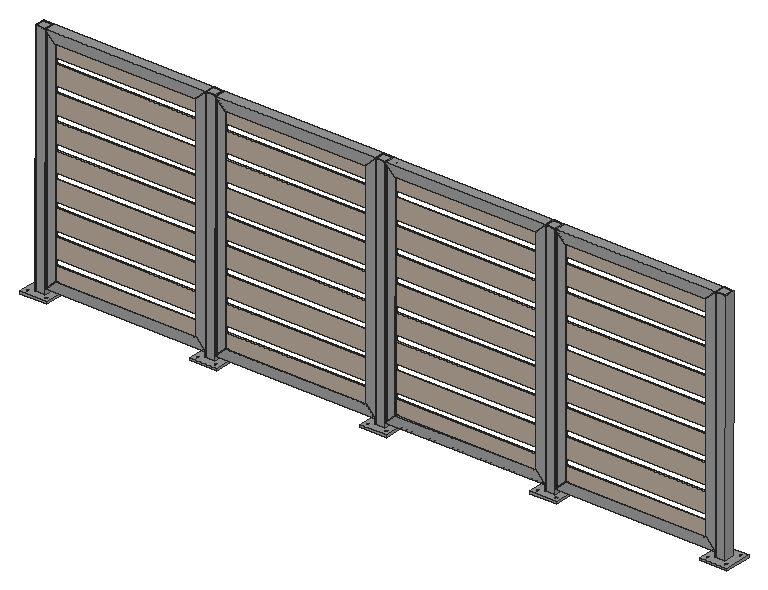
Revit family "SEMI-PRIVATE_VINYL_PLANK_PANEL_ARRAY", category Specialty Equipment, Revit 2026
Family settings
  Round Connector Dimension = Use Diameter
  Part Type = Normal
  Classification Number = 23.55.00.00
  Enable Cutting in Views = No
  Cut with Voids When Loaded = No
  Maintain Annotation Orientation = No
  Shared = No
  Room Calculation Point = No
Parameters (values of type "Assembly")
  Warranty URL = "https://palmshieldlouvers.com/wp-content/uploads/2020/01/PalmSHIELD-Warranty-NO-SIGN-LINE.pdf"
  Version = "2020 - v1.0a"  # constant formula
  URL = "https://palmshieldlouvers.com/"
  Type Comments = ""
  Start Post [instance] = yes
  Product Page URL = "https://palmshieldlouvers.com/products/tiberius-semi-private/"
  Product Documentation Link = "https://palmshieldlouvers.com/wp-content/uploads/2020/05/PalmSHIELD-Semi-Private-Composite-Technical-Data-Sheet.pdf"
  Post Finish = Metal - PalmSHIELD - Dusty Grey
  Panel Width [instance] = if(Desired Panel Width > C Max Panel Width, C Max Panel Width, if(Desired Panel Width < C Min Panel Width, C Min Panel Width, Desired Panel Width))  # 4' - 0"
  Panel Height [instance] = if(Desired Panel Height > C Max Panel Height, C Max Panel Height, if(Desired Panel Height < C Min Panel Height, C Min Panel Height, Desired Panel Height))  # 6' - 0"
  Model = "Tiberius - Composite"  # constant formula
  Manufacturer Phone Number = "531-329-4406 "  # constant formula
  Manufacturer Email = "mailto: info@palmshieldlouvers.com"
  Manufacturer Address = "12330 Cary Circle, La Vista, NE 68128"  # constant formula
  Manufacturer = "PalmSHIELD"  # constant formula
  Keynote = "05 10 00"
  Instruction Sheet Link = "https://palmshieldlouvers.com/wp-content/uploads/2020/01/PalmSHIELD-Post-Panel-Gate-Installation-Instructions-REV-1.pdf"
  ID [instance] = "Not Assigned"
  Frame Finish = Metal - PalmSHIELD - Dusty Grey
  Filler Panel [instance] = yes
  End Post [instance] = yes
  Desired Panel Width [instance] = 4' - 0"
  Desired Panel Height [instance] = 6' - 0"
  Real Length [instance] = if([built-in parameter 1001306] < (C Post Width + C Min Panel Width), (C Post Width + C Min Panel Width), [built-in parameter 1001306])  # 17' - 0"
  Description = "Tiberius - Composite - Array"  # constant formula
  built-in parameter 1001306 [instance] = 17' - 0"
  Copyright = "Copyright ©2024 The American Fence Company and PalmSHIELD. All Rights Reserved."  # constant formula
  Component Name [instance] = "Tiberius - Composite - Array"  # constant formula
  C Single Post [instance] = if(C Condition Double, 1 = 1, if(and(End Post, C Condition Single), 1 = 1, 1 = 0))  # no
  C Single Panel [instance] = or(C Condition Double, C Condition Single)  # no
  C Post Width [instance] = 0' - 3"  # constant formula
  C Multiple Post [instance] = (C Condition Multiple)  # yes
  C Multiple Panels [instance] = (C Condition Multiple)  # yes
  C Min Panel Width [instance] = 4' - 0"  # constant formula
  C Min Panel Height [instance] = C Min Panel Width  # 4' - 0"
  C Max Panel Width [instance] = 5' - 0"  # constant formula
  C Max Panel Height [instance] = 12' - 0"  # constant formula
  C Filler Post [instance] = and(not(C Condition Single), Filler Panel, End Post, or(C Filler Panel Width = C Min Panel Width, C Filler Panel Width > C Min Panel Width))  # yes
  C Filler Panel Width Calculated [instance] = Real Length - C Calculated Total Length - Panel Width - C Post Width  # 4' - 0"
  C Filler Panel Width [instance] = if(C Filler Panel Width Calculated < C Min Panel Width, C Min Panel Width, if(C Filler Panel Width Calculated > C Max Panel Width, C Max Panel Width, C Filler Panel Width Calculated))  # 4' - 0"
  C Filler Panel [instance] = and(not(C Condition Single), Filler Panel, or(C Filler Panel Width = C Min Panel Width, C Filler Panel Width > C Min Panel Width))  # yes
  C Condition Single [instance] = C Array Count < 1  # no
  C Condition Multiple [instance] = C Array Count > 1  # yes
  C Condition Double [instance] = C Array Count = 1  # no
  C Complete Post [instance] = and(not(C Condition Single), not(Filler Panel), End Post)  # no
  C Complete Panel [instance] = and(not(C Condition Single), not(Filler Panel))  # no
  C Calculated Total Length [instance] = if(C Array Count < 1, 0' 0", if(C Array Count = 1, C Post Width, Panel Width * (C Array Safe - 1) + C Post Width * (C Array Safe)))  # 8' - 9"
  C Calculated Filler Panel Length [instance] = if(C Array Count < 1, 0' 0", if(or(C Array Count = 2, C Array Count = 1), C Post Width, if(Filler Panel, (C Calculated Total Length - C Post Width - C Filler Panel Width), (C Calculated Total Length - C Post Width - Panel Width))))  # 4' - 6"
  C Array Safe [instance] = if(C Array Count < 2, 2, C Array Count)  # 3
  C Array Count [instance] = if(Filler Panel, roundup(((Real Length - C Min Panel Width) / (Panel Width + C Post Width)) - 1), roundup(((Real Length - (Panel Width)) / (Panel Width + C Post Width)) - 1))  # 3
  Assembly Code = "F1020100"
Reference planes (in)
  plane 1 "Center (Front/Back)": y = 0
  plane 2: z = 0
  plane 3 "Left": x = 0
  plane 4 "Right": x = 204
  plane 5 "Top": z = 60
  plane 6: x = 48
  plane 7: x = 51
  plane 8: x = 99
  plane 9: x = 102
  plane 10: x = -3
  plane 11: x = 153
  plane 12: x = 51
  plane 13: x = 201
  plane 14: x = 201
  plane 15: x = -1.5
  plane 16: x = 204
  plane 17: x = 202.5
  plane 18: x = 202.5
  plane 19: x = 204
  plane 20: x = 49.5
  plane 21: x = 100.5
  plane 22: y = -1.5
  plane 23: y = 1.5
Lines and regions (in)
  reference lines
    curve 1: line (0, 0, 0) -> (204, 0, 0)
Dimensions and locks (in)
  "built-in parameter 1001306": plane 3 "Left" to plane 4 "Right"
  "Panel Width": plane 6 to plane 3 "Left"
  "C Post Width": plane 7 to plane 6
  "Panel Width": plane 8 to plane 7
  "C Post Width": plane 9 to plane 8
  "C Post Width": plane 3 "Left" to plane 10
  "C Calculated Filler Panel Length": plane 12 to plane 10
  "C Filler Panel Width": plane 13 to plane 11
  "Panel Width": plane 14 to plane 11
  "C Calculated Total Length": plane 11 to plane 6
  equal spacing: plane 10, plane 15, plane 3 "Left"
  equal spacing: plane 16, plane 17, plane 13
  "C Post Width": plane 16 to plane 13
  equal spacing: plane 19, plane 18, plane 14
  "C Post Width": plane 19 to plane 14
  equal spacing: plane 9, plane 21, plane 8
  equal spacing: plane 7, plane 20, plane 6
  equal spacing: plane 22, plane 1 "Center (Front/Back)", plane 23
  "C Post Width": plane 22 to plane 23
  equal spacing: group 1, group 2, group 5  (x3)
  equal spacing: group 3, group 4, group 6  (x3)
  aligned and locked: plane 4 "Right" to curve 1
  aligned and locked: plane 1 "Center (Front/Back)" to curve 1
  aligned and locked: plane 3 "Left" to curve 1
  aligned and locked: level to plane 2
  aligned and locked: plane 15 to nested 1
  aligned and locked: nested 1 to plane 1 "Center (Front/Back)"
  aligned and locked: plane 3 "Left" to nested 2
  aligned and locked: nested 3 to plane 13
  aligned and locked: nested 4 to plane 14
  aligned and locked: plane 1 "Center (Front/Back)" to nested 6
  aligned and locked: plane 1 "Center (Front/Back)" to nested 5
  aligned and locked: plane 1 "Center (Front/Back)" to nested 9
  aligned and locked: plane 17 to nested 6
  aligned and locked: plane 18 to nested 5
  aligned and locked: plane 22 to nested 4
  aligned and locked: plane 22 to nested 3
  aligned and locked: nested 2 to plane 22
  aligned and locked: plane 20 to nested 9
  aligned and locked: plane 3 "Left" to nested 7
  aligned and locked: nested 7 to plane 22
  aligned and locked: plane 1 "Center (Front/Back)" to nested 8
  aligned and locked: plane 20 to nested 8
  aligned and locked: plane 1 "Center (Front/Back)" to nested 10
  aligned and locked: plane 21 to nested 10
  aligned and locked: plane 7 to nested 14
  aligned and locked: nested 14 to plane 1 "Center (Front/Back)"
Nested families (in)
  nested 1: "Screening-Louver-Assembly-Post-Palmshield-Tiberius-Aluminum" at (-1.5, 0, 0), Desired Overall Height <- "Panel Height", visible <- "Start Post", Component Vis <- "Start Post", ID <- "ID", type "Assembly"
    with ID "Not Assigned", Height 6' - 0", Desired Overall Height 6' - 0", Component Vis yes, Component Name "Tiberius - Aluminum - Square Post", C Min Height 3' - 4", C Max Height 12' - 0"
  nested 2: "Screening-Louver-Assembly-Panel-Palmshield-Tiberius-Vinyl" at (0, -1.5, 0), Desired Overall Height <- "Panel Height", Desired Overall Width <- "Panel Width", visible <- "C Single Panel", Component Vis <- "C Single Panel", ID <- "ID", type "Assembly"
    with Width 4' - 0", ID "Not Assigned", Height 6' - 0", Desired Overall Width 4' - 0", Desired Overall Height 6' - 0", Desired Bottom Angle 0.00°, Component Vis no, Component Name "Tiberius - Vinyl - Panel Assembly", C Min Width 4' - 0", C Min Height 4' - 0", C Max Width 6' - 0", C Max Height 8' - 0", C Angle 0.00°
  nested 3: "Screening-Louver-Assembly-Panel-Palmshield-Tiberius-Vinyl" at (153, -1.5, 0), Desired Overall Height <- "Panel Height", Desired Overall Width <- "C Filler Panel Width", visible <- "C Filler Panel", Component Vis <- "C Filler Panel", ID <- "ID", type "Assembly"
    with Width 4' - 0", ID "Not Assigned", Height 6' - 0", Desired Overall Width 4' - 0", Desired Overall Height 6' - 0", Desired Bottom Angle 0.00°, Component Vis yes, Component Name "Tiberius - Vinyl - Panel Assembly", C Min Width 4' - 0", C Min Height 4' - 0", C Max Width 6' - 0", C Max Height 8' - 0", C Angle 0.00°
  nested 4: "Screening-Louver-Assembly-Panel-Palmshield-Tiberius-Vinyl" at (153, -1.5, 0), Desired Overall Height <- "Panel Height", Desired Overall Width <- "Panel Width", visible <- "C Complete Panel", Component Vis <- "C Complete Panel", ID <- "ID", type "Assembly"
    with Width 4' - 0", ID "Not Assigned", Height 6' - 0", Desired Overall Width 4' - 0", Desired Overall Height 6' - 0", Desired Bottom Angle 0.00°, Component Vis no, Component Name "Tiberius - Vinyl - Panel Assembly", C Min Width 4' - 0", C Min Height 4' - 0", C Max Width 6' - 0", C Max Height 8' - 0", C Angle 0.00°
  nested 5: "Screening-Louver-Assembly-Post-Palmshield-Tiberius-Aluminum" at (202.5, 0, 0), Desired Overall Height <- "Panel Height", visible <- "C Complete Post", Component Vis <- "C Complete Post", ID <- "ID", type "Assembly"
    with ID "Not Assigned", Height 6' - 0", Desired Overall Height 6' - 0", Component Vis no, Component Name "Tiberius - Aluminum - Square Post", C Min Height 3' - 4", C Max Height 12' - 0"
  nested 6: "Screening-Louver-Assembly-Post-Palmshield-Tiberius-Aluminum" at (202.5, 0, 0), Desired Overall Height <- "Panel Height", visible <- "C Filler Post", Component Vis <- "C Filler Post", ID <- "ID", type "Assembly"
    with ID "Not Assigned", Height 6' - 0", Desired Overall Height 6' - 0", Component Vis yes, Component Name "Tiberius - Aluminum - Square Post", C Min Height 3' - 4", C Max Height 12' - 0"
  nested 7: "Screening-Louver-Assembly-Panel-Palmshield-Tiberius-Vinyl" at (0, -1.5, 0), Desired Overall Height <- "Panel Height", Desired Overall Width <- "Panel Width", visible <- "C Multiple Panels", Component Vis <- "C Multiple Panels", ID <- "ID", type "Assembly"
    with Width 4' - 0", ID "Not Assigned", Height 6' - 0", Desired Overall Width 4' - 0", Desired Overall Height 6' - 0", Desired Bottom Angle 0.00°, Component Vis yes, Component Name "Tiberius - Vinyl - Panel Assembly", C Min Width 4' - 0", C Min Height 4' - 0", C Max Width 6' - 0", C Max Height 8' - 0", C Angle 0.00°
  nested 8: "Screening-Louver-Assembly-Post-Palmshield-Tiberius-Aluminum" at (49.5, 0, 0), Desired Overall Height <- "Panel Height", visible <- "C Multiple Post", Component Vis <- "C Multiple Post", ID <- "ID", type "Assembly"
    with ID "Not Assigned", Height 6' - 0", Desired Overall Height 6' - 0", Component Vis yes, Component Name "Tiberius - Aluminum - Square Post", C Min Height 3' - 4", C Max Height 12' - 0"
  nested 9: "Screening-Louver-Assembly-Post-Palmshield-Tiberius-Aluminum" at (49.5, 0, 0), Desired Overall Height <- "Panel Height", visible <- "C Single Post", Component Vis <- "C Single Post", ID <- "ID", type "Assembly"
    with ID "Not Assigned", Height 6' - 0", Desired Overall Height 6' - 0", Component Vis no, Component Name "Tiberius - Aluminum - Square Post", C Min Height 3' - 4", C Max Height 12' - 0"
  nested 10: "Screening-Louver-Assembly-Post-Palmshield-Tiberius-Aluminum" at (100.5, 0, 0), Desired Overall Height <- "Panel Height", visible <- "C Multiple Post", Component Vis <- "C Multiple Post", ID <- "ID", type "Assembly"
    with ID "Not Assigned", Height 6' - 0", Desired Overall Height 6' - 0", Component Vis yes, Component Name "Tiberius - Aluminum - Square Post", C Min Height 3' - 4", C Max Height 12' - 0"
  nested 11: "Nested-Base_Plate-Palmshield-Tiberius-Aluminum" at (-1.5, 0, 0), type "8" x 8" x 5/8""
    with Material Metal - PalmSHIELD - Dusty Grey, ID "Not Assigned", Component Name "Tiberius - Aluminum - Base Plate"
  nested 12: "Nested-Square_Post-Palmshield-Tiberius-Aluminum" at (-1.5, 0, 0.625), type "3" x 3" x 1/8""
    with Material Metal - PalmSHIELD - Dusty Grey, Length 5' - 11 3/8", ID "Not Assigned", Component Name "Atlas - Square Post"
  nested 13: "Nested-Top_Cap-Palmshield-Tiberius-Aluminum" at (-1.5, 0, 72) x (1, 0, 0) z (0, 0, -1), type "2 3/4" x 2 3/4" x 1/8""
    with Material Metal - PalmSHIELD - Dusty Grey, ID "Not Assigned", Component Name "Tiberius - Aluminum - Square Top Cap"
  nested 14: "Screening-Louver-Assembly-Panel-Palmshield-Tiberius-Vinyl" at (51, -1.5, 0), Desired Overall Height <- "Panel Height", Desired Overall Width <- "Panel Width", visible <- "C Multiple Panels", Component Vis <- "C Multiple Panels", ID <- "ID", type "Assembly"
    with Width 4' - 0", ID "Not Assigned", Height 6' - 0", Desired Overall Width 4' - 0", Desired Overall Height 6' - 0", Desired Bottom Angle 0.00°, Component Vis yes, Component Name "Tiberius - Vinyl - Panel Assembly", C Min Width 4' - 0", C Min Height 4' - 0", C Max Width 6' - 0", C Max Height 8' - 0", C Angle 0.00°
  nested 15: "Nested-Base_Plate-Palmshield-Tiberius-Aluminum" at (100.5, 0, 0), type "8" x 8" x 5/8""
    with Material Metal - PalmSHIELD - Dusty Grey, ID "Not Assigned", Component Name "Tiberius - Aluminum - Base Plate"
  nested 16: "Nested-Square_Post-Palmshield-Tiberius-Aluminum" at (100.5, 0, 0.625), type "3" x 3" x 1/8""
    with Material Metal - PalmSHIELD - Dusty Grey, Length 5' - 11 3/8", ID "Not Assigned", Component Name "Atlas - Square Post"
  nested 17: "Nested-Top_Cap-Palmshield-Tiberius-Aluminum" at (100.5, 0, 72) x (1, 0, 0) z (0, 0, -1), type "2 3/4" x 2 3/4" x 1/8""
    with Material Metal - PalmSHIELD - Dusty Grey, ID "Not Assigned", Component Name "Tiberius - Aluminum - Square Top Cap"
  nested 18: "Nested-Louvers-Palmshield-Tiberius-Vinly" at (53, -0.31, 24.5) x (0, -1, 0) z (1, 0, 0), type "VINYL INFILL SLATS"
    with Material Metal - PalmSHIELD - Grey Beige, Length 3' - 8", ID "Not Assigned", Component Name "Tiberius - Vinyl - Infill Slat"
  nested 19: "Nested-Louvers-Palmshield-Tiberius-Vinly" at (53, -0.31, 32.25) x (0, -1, 0) z (1, 0, 0), type "VINYL INFILL SLATS"
    with Material Metal - PalmSHIELD - Grey Beige, Length 3' - 8", ID "Not Assigned", Component Name "Tiberius - Vinyl - Infill Slat"
  nested 20: "Nested-Louvers-Palmshield-Tiberius-Vinly" at (53, -0.31, 40) x (0, -1, 0) z (1, 0, 0), type "VINYL INFILL SLATS"
    with Material Metal - PalmSHIELD - Grey Beige, Length 3' - 8", ID "Not Assigned", Component Name "Tiberius - Vinyl - Infill Slat"
  nested 21: "Nested-Louvers-Palmshield-Tiberius-Vinly" at (53, -0.31, 47.75) x (0, -1, 0) z (1, 0, 0), type "VINYL INFILL SLATS"
    with Material Metal - PalmSHIELD - Grey Beige, Length 3' - 8", ID "Not Assigned", Component Name "Tiberius - Vinyl - Infill Slat"
  nested 22: "Nested-Louvers-Palmshield-Tiberius-Vinly" at (53, -0.31, 55.5) x (0, -1, 0) z (1, 0, 0), type "VINYL INFILL SLATS"
    with Material Metal - PalmSHIELD - Grey Beige, Length 3' - 8", ID "Not Assigned", Component Name "Tiberius - Vinyl - Infill Slat"
  nested 23: "Nested-Louvers-Palmshield-Tiberius-Vinly" at (53, -0.31, 63.25) x (0, -1, 0) z (1, 0, 0), type "VINYL INFILL SLATS"
    with Material Metal - PalmSHIELD - Grey Beige, Length 3' - 8", ID "Not Assigned", Component Name "Tiberius - Vinyl - Infill Slat"
  nested 24: "Nested-Louvers-Palmshield-Tiberius-Vinly" at (53, -0.31, 9) x (0, -1, 0) z (1, 0, 0), type "VINYL INFILL SLATS"
    with Material Metal - PalmSHIELD - Grey Beige, Length 3' - 8", ID "Not Assigned", Component Name "Tiberius - Vinyl - Infill Slat"
  nested 25: "Nested-Louvers-Palmshield-Tiberius-Vinly" at (53, -0.31, 71) x (0, -1, 0) z (1, 0, 0), type "VINYL INFILL SLATS"
    with Material Metal - PalmSHIELD - Grey Beige, Length 3' - 8", ID "Not Assigned", Component Name "Tiberius - Vinyl - Infill Slat"
  nested 26: "Nested-L_Frame-Palmshield-Tiberius" at (99, -1.5, 72) x (0, 1, 0) z (0, 0, -1), type "ALUM L 3" X 3" X 1/4""
    with Material Metal - PalmSHIELD - Dusty Grey, Length 4' - 0", ID "Not Assigned", Component Name "Tiberius - Aluminum - L Frame", B-Side Cut Angle 45.00°, A-Side Cut Angle 45.00°
  nested 27: "Nested-L_Frame-Palmshield-Tiberius" at (51, -1.5, 72) x (0, 1, 0) z (1, 0, 0), type "ALUM L 3" X 3" X 1/4""
    with Material Metal - PalmSHIELD - Dusty Grey, Length 5' - 10", ID "Not Assigned", Component Name "Tiberius - Aluminum - L Frame", B-Side Cut Angle 45.00°, A-Side Cut Angle 45.00°
  nested 28: "Nested-L_Frame-Palmshield-Tiberius" at (99, -1.5, 2) x (0, 1, 0) z (-1, 0, 0), type "ALUM L 3" X 3" X 1/4""
    with Material Metal - PalmSHIELD - Dusty Grey, Length 5' - 10", ID "Not Assigned", Component Name "Tiberius - Aluminum - L Frame", B-Side Cut Angle 45.00°, A-Side Cut Angle 45.00°
  nested 29: "Nested-L_Frame-Palmshield-Tiberius" at (51, -1.5, 2) x (0, 1, 0) z (0, 0, 1), type "ALUM L 3" X 3" X 1/4""
    with Material Metal - PalmSHIELD - Dusty Grey, Length 4' - 0", ID "Not Assigned", Component Name "Tiberius - Aluminum - L Frame", B-Side Cut Angle 45.00°, A-Side Cut Angle 45.00°
  nested 30: "Nested-Louvers-Palmshield-Tiberius-Vinly" at (53, -0.31, 16.75) x (0, -1, 0) z (1, 0, 0), type "VINYL INFILL SLATS"
    with Material Metal - PalmSHIELD - Grey Beige, Length 3' - 8", ID "Not Assigned", Component Name "Tiberius - Vinyl - Infill Slat"
  nested 31: "Nested-Flat_Bar_Infill Retainer-Tiberius-Aluminum" at (97.75, -0.125, 2.25) x (-1, 0, 0) z (0, 0, 1), type "2" x 1/4""
    with Width 0' - 2", Thickness 0' - 0 1/4", Material Metal - PalmSHIELD - Dusty Grey, Length 5' - 9 1/2", ID "", Component Name "Tiberius -Aluminum - Flat Bar Infill Retainer", C Angle B 0.00°, C Angle A 0.00°, A-Side Cut Angle 0.00°
  nested 32: "Nested-Flat_Bar_Infill Retainer-Tiberius-Aluminum" at (52.25, -0.125, 2.25), type "2" x 1/4""
    with Width 0' - 2", Thickness 0' - 0 1/4", Material Metal - PalmSHIELD - Dusty Grey, Length 5' - 9 1/2", ID "", Component Name "Tiberius -Aluminum - Flat Bar Infill Retainer", C Angle B 0.00°, C Angle A 0.00°, A-Side Cut Angle 0.00°
  nested 33: "Nested-Louvers-Palmshield-Tiberius-Vinly" at (2, -0.31, 24.5) x (0, -1, 0) z (1, 0, 0), type "VINYL INFILL SLATS"
    with Material Metal - PalmSHIELD - Grey Beige, Length 3' - 8", ID "Not Assigned", Component Name "Tiberius - Vinyl - Infill Slat"
  nested 34: "Nested-Louvers-Palmshield-Tiberius-Vinly" at (2, -0.31, 32.25) x (0, -1, 0) z (1, 0, 0), type "VINYL INFILL SLATS"
    with Material Metal - PalmSHIELD - Grey Beige, Length 3' - 8", ID "Not Assigned", Component Name "Tiberius - Vinyl - Infill Slat"
  nested 35: "Nested-Louvers-Palmshield-Tiberius-Vinly" at (2, -0.31, 40) x (0, -1, 0) z (1, 0, 0), type "VINYL INFILL SLATS"
    with Material Metal - PalmSHIELD - Grey Beige, Length 3' - 8", ID "Not Assigned", Component Name "Tiberius - Vinyl - Infill Slat"
  nested 36: "Nested-Louvers-Palmshield-Tiberius-Vinly" at (2, -0.31, 47.75) x (0, -1, 0) z (1, 0, 0), type "VINYL INFILL SLATS"
    with Material Metal - PalmSHIELD - Grey Beige, Length 3' - 8", ID "Not Assigned", Component Name "Tiberius - Vinyl - Infill Slat"
  nested 37: "Nested-Louvers-Palmshield-Tiberius-Vinly" at (2, -0.31, 55.5) x (0, -1, 0) z (1, 0, 0), type "VINYL INFILL SLATS"
    with Material Metal - PalmSHIELD - Grey Beige, Length 3' - 8", ID "Not Assigned", Component Name "Tiberius - Vinyl - Infill Slat"
  nested 38: "Nested-Louvers-Palmshield-Tiberius-Vinly" at (2, -0.31, 63.25) x (0, -1, 0) z (1, 0, 0), type "VINYL INFILL SLATS"
    with Material Metal - PalmSHIELD - Grey Beige, Length 3' - 8", ID "Not Assigned", Component Name "Tiberius - Vinyl - Infill Slat"
  nested 39: "Nested-Louvers-Palmshield-Tiberius-Vinly" at (2, -0.31, 9) x (0, -1, 0) z (1, 0, 0), type "VINYL INFILL SLATS"
    with Material Metal - PalmSHIELD - Grey Beige, Length 3' - 8", ID "Not Assigned", Component Name "Tiberius - Vinyl - Infill Slat"
  nested 40: "Nested-Louvers-Palmshield-Tiberius-Vinly" at (2, -0.31, 71) x (0, -1, 0) z (1, 0, 0), type "VINYL INFILL SLATS"
    with Material Metal - PalmSHIELD - Grey Beige, Length 3' - 8", ID "Not Assigned", Component Name "Tiberius - Vinyl - Infill Slat"
  nested 41: "Nested-L_Frame-Palmshield-Tiberius" at (48, -1.5, 72) x (0, 1, 0) z (0, 0, -1), type "ALUM L 3" X 3" X 1/4""
    with Material Metal - PalmSHIELD - Dusty Grey, Length 4' - 0", ID "Not Assigned", Component Name "Tiberius - Aluminum - L Frame", B-Side Cut Angle 45.00°, A-Side Cut Angle 45.00°
  nested 42: "Nested-L_Frame-Palmshield-Tiberius" at (0, -1.5, 72) x (0, 1, 0) z (1, 0, 0), type "ALUM L 3" X 3" X 1/4""
    with Material Metal - PalmSHIELD - Dusty Grey, Length 5' - 10", ID "Not Assigned", Component Name "Tiberius - Aluminum - L Frame", B-Side Cut Angle 45.00°, A-Side Cut Angle 45.00°
  nested 43: "Nested-L_Frame-Palmshield-Tiberius" at (48, -1.5, 2) x (0, 1, 0) z (-1, 0, 0), type "ALUM L 3" X 3" X 1/4""
    with Material Metal - PalmSHIELD - Dusty Grey, Length 5' - 10", ID "Not Assigned", Component Name "Tiberius - Aluminum - L Frame", B-Side Cut Angle 45.00°, A-Side Cut Angle 45.00°
  nested 44: "Nested-L_Frame-Palmshield-Tiberius" at (0, -1.5, 2) x (0, 1, 0) z (0, 0, 1), type "ALUM L 3" X 3" X 1/4""
    with Material Metal - PalmSHIELD - Dusty Grey, Length 4' - 0", ID "Not Assigned", Component Name "Tiberius - Aluminum - L Frame", B-Side Cut Angle 45.00°, A-Side Cut Angle 45.00°
  nested 45: "Nested-Louvers-Palmshield-Tiberius-Vinly" at (2, -0.31, 16.75) x (0, -1, 0) z (1, 0, 0), type "VINYL INFILL SLATS"
    with Material Metal - PalmSHIELD - Grey Beige, Length 3' - 8", ID "Not Assigned", Component Name "Tiberius - Vinyl - Infill Slat"
  nested 46: "Nested-Flat_Bar_Infill Retainer-Tiberius-Aluminum" at (46.75, -0.125, 2.25) x (-1, 0, 0) z (0, 0, 1), type "2" x 1/4""
    with Width 0' - 2", Thickness 0' - 0 1/4", Material Metal - PalmSHIELD - Dusty Grey, Length 5' - 9 1/2", ID "", Component Name "Tiberius -Aluminum - Flat Bar Infill Retainer", C Angle B 0.00°, C Angle A 0.00°, A-Side Cut Angle 0.00°
  nested 47: "Nested-Flat_Bar_Infill Retainer-Tiberius-Aluminum" at (1.25, -0.125, 2.25), type "2" x 1/4""
    with Width 0' - 2", Thickness 0' - 0 1/4", Material Metal - PalmSHIELD - Dusty Grey, Length 5' - 9 1/2", ID "", Component Name "Tiberius -Aluminum - Flat Bar Infill Retainer", C Angle B 0.00°, C Angle A 0.00°, A-Side Cut Angle 0.00°
  nested 48: "Nested-Base_Plate-Palmshield-Tiberius-Aluminum" at (49.5, 0, 0), type "8" x 8" x 5/8""
    with Material Metal - PalmSHIELD - Dusty Grey, ID "Not Assigned", Component Name "Tiberius - Aluminum - Base Plate"
  nested 49: "Nested-Square_Post-Palmshield-Tiberius-Aluminum" at (49.5, 0, 0.625), type "3" x 3" x 1/8""
    with Material Metal - PalmSHIELD - Dusty Grey, Length 5' - 11 3/8", ID "Not Assigned", Component Name "Atlas - Square Post"
  nested 50: "Nested-Top_Cap-Palmshield-Tiberius-Aluminum" at (49.5, 0, 72) x (1, 0, 0) z (0, 0, -1), type "2 3/4" x 2 3/4" x 1/8""
    with Material Metal - PalmSHIELD - Dusty Grey, ID "Not Assigned", Component Name "Tiberius - Aluminum - Square Top Cap"
  nested 51: "Screening-Louver-Assembly-Post-Palmshield-Tiberius-Aluminum" at (151.5, 0, 0), Desired Overall Height <- "Panel Height", visible <- "C Multiple Post", Component Vis <- "C Multiple Post", ID <- "ID", type "Assembly"
    with ID "Not Assigned", Height 6' - 0", Desired Overall Height 6' - 0", Component Vis yes, Component Name "Tiberius - Aluminum - Square Post", C Min Height 3' - 4", C Max Height 12' - 0"
  nested 52: "Nested-Base_Plate-Palmshield-Tiberius-Aluminum" at (151.5, 0, 0), type "8" x 8" x 5/8""
    with Material Metal - PalmSHIELD - Dusty Grey, ID "Not Assigned", Component Name "Tiberius - Aluminum - Base Plate"
  nested 53: "Nested-Square_Post-Palmshield-Tiberius-Aluminum" at (151.5, 0, 0.625), type "3" x 3" x 1/8""
    with Material Metal - PalmSHIELD - Dusty Grey, Length 5' - 11 3/8", ID "Not Assigned", Component Name "Atlas - Square Post"
  nested 54: "Nested-Top_Cap-Palmshield-Tiberius-Aluminum" at (151.5, 0, 72) x (1, 0, 0) z (0, 0, -1), type "2 3/4" x 2 3/4" x 1/8""
    with Material Metal - PalmSHIELD - Dusty Grey, ID "Not Assigned", Component Name "Tiberius - Aluminum - Square Top Cap"
  nested 55: "Screening-Louver-Assembly-Panel-Palmshield-Tiberius-Vinyl" at (102, -1.5, 0), Desired Overall Height <- "Panel Height", Desired Overall Width <- "Panel Width", visible <- "C Multiple Panels", Component Vis <- "C Multiple Panels", ID <- "ID", type "Assembly"
    with Width 4' - 0", ID "Not Assigned", Height 6' - 0", Desired Overall Width 4' - 0", Desired Overall Height 6' - 0", Desired Bottom Angle 0.00°, Component Vis yes, Component Name "Tiberius - Vinyl - Panel Assembly", C Min Width 4' - 0", C Min Height 4' - 0", C Max Width 6' - 0", C Max Height 8' - 0", C Angle 0.00°
  nested 56: "Nested-Louvers-Palmshield-Tiberius-Vinly" at (104, -0.31, 24.5) x (0, -1, 0) z (1, 0, 0), type "VINYL INFILL SLATS"
    with Material Metal - PalmSHIELD - Grey Beige, Length 3' - 8", ID "Not Assigned", Component Name "Tiberius - Vinyl - Infill Slat"
  nested 57: "Nested-Louvers-Palmshield-Tiberius-Vinly" at (104, -0.31, 32.25) x (0, -1, 0) z (1, 0, 0), type "VINYL INFILL SLATS"
    with Material Metal - PalmSHIELD - Grey Beige, Length 3' - 8", ID "Not Assigned", Component Name "Tiberius - Vinyl - Infill Slat"
  nested 58: "Nested-Louvers-Palmshield-Tiberius-Vinly" at (104, -0.31, 40) x (0, -1, 0) z (1, 0, 0), type "VINYL INFILL SLATS"
    with Material Metal - PalmSHIELD - Grey Beige, Length 3' - 8", ID "Not Assigned", Component Name "Tiberius - Vinyl - Infill Slat"
  nested 59: "Nested-Louvers-Palmshield-Tiberius-Vinly" at (104, -0.31, 47.75) x (0, -1, 0) z (1, 0, 0), type "VINYL INFILL SLATS"
    with Material Metal - PalmSHIELD - Grey Beige, Length 3' - 8", ID "Not Assigned", Component Name "Tiberius - Vinyl - Infill Slat"
  nested 60: "Nested-Louvers-Palmshield-Tiberius-Vinly" at (104, -0.31, 55.5) x (0, -1, 0) z (1, 0, 0), type "VINYL INFILL SLATS"
    with Material Metal - PalmSHIELD - Grey Beige, Length 3' - 8", ID "Not Assigned", Component Name "Tiberius - Vinyl - Infill Slat"
  nested 61: "Nested-Louvers-Palmshield-Tiberius-Vinly" at (104, -0.31, 63.25) x (0, -1, 0) z (1, 0, 0), type "VINYL INFILL SLATS"
    with Material Metal - PalmSHIELD - Grey Beige, Length 3' - 8", ID "Not Assigned", Component Name "Tiberius - Vinyl - Infill Slat"
  nested 62: "Nested-Louvers-Palmshield-Tiberius-Vinly" at (104, -0.31, 9) x (0, -1, 0) z (1, 0, 0), type "VINYL INFILL SLATS"
    with Material Metal - PalmSHIELD - Grey Beige, Length 3' - 8", ID "Not Assigned", Component Name "Tiberius - Vinyl - Infill Slat"
  nested 63: "Nested-Louvers-Palmshield-Tiberius-Vinly" at (104, -0.31, 71) x (0, -1, 0) z (1, 0, 0), type "VINYL INFILL SLATS"
    with Material Metal - PalmSHIELD - Grey Beige, Length 3' - 8", ID "Not Assigned", Component Name "Tiberius - Vinyl - Infill Slat"
  nested 64: "Nested-L_Frame-Palmshield-Tiberius" at (150, -1.5, 72) x (0, 1, 0) z (0, 0, -1), type "ALUM L 3" X 3" X 1/4""
    with Material Metal - PalmSHIELD - Dusty Grey, Length 4' - 0", ID "Not Assigned", Component Name "Tiberius - Aluminum - L Frame", B-Side Cut Angle 45.00°, A-Side Cut Angle 45.00°
  nested 65: "Nested-L_Frame-Palmshield-Tiberius" at (102, -1.5, 72) x (0, 1, 0) z (1, 0, 0), type "ALUM L 3" X 3" X 1/4""
    with Material Metal - PalmSHIELD - Dusty Grey, Length 5' - 10", ID "Not Assigned", Component Name "Tiberius - Aluminum - L Frame", B-Side Cut Angle 45.00°, A-Side Cut Angle 45.00°
  nested 66: "Nested-L_Frame-Palmshield-Tiberius" at (150, -1.5, 2) x (0, 1, 0) z (-1, 0, 0), type "ALUM L 3" X 3" X 1/4""
    with Material Metal - PalmSHIELD - Dusty Grey, Length 5' - 10", ID "Not Assigned", Component Name "Tiberius - Aluminum - L Frame", B-Side Cut Angle 45.00°, A-Side Cut Angle 45.00°
  nested 67: "Nested-L_Frame-Palmshield-Tiberius" at (102, -1.5, 2) x (0, 1, 0) z (0, 0, 1), type "ALUM L 3" X 3" X 1/4""
    with Material Metal - PalmSHIELD - Dusty Grey, Length 4' - 0", ID "Not Assigned", Component Name "Tiberius - Aluminum - L Frame", B-Side Cut Angle 45.00°, A-Side Cut Angle 45.00°
  nested 68: "Nested-Louvers-Palmshield-Tiberius-Vinly" at (104, -0.31, 16.75) x (0, -1, 0) z (1, 0, 0), type "VINYL INFILL SLATS"
    with Material Metal - PalmSHIELD - Grey Beige, Length 3' - 8", ID "Not Assigned", Component Name "Tiberius - Vinyl - Infill Slat"
  nested 69: "Nested-Flat_Bar_Infill Retainer-Tiberius-Aluminum" at (148.75, -0.125, 2.25) x (-1, 0, 0) z (0, 0, 1), type "2" x 1/4""
    with Width 0' - 2", Thickness 0' - 0 1/4", Material Metal - PalmSHIELD - Dusty Grey, Length 5' - 9 1/2", ID "", Component Name "Tiberius -Aluminum - Flat Bar Infill Retainer", C Angle B 0.00°, C Angle A 0.00°, A-Side Cut Angle 0.00°
  nested 70: "Nested-Flat_Bar_Infill Retainer-Tiberius-Aluminum" at (103.25, -0.125, 2.25), type "2" x 1/4""
    with Width 0' - 2", Thickness 0' - 0 1/4", Material Metal - PalmSHIELD - Dusty Grey, Length 5' - 9 1/2", ID "", Component Name "Tiberius -Aluminum - Flat Bar Infill Retainer", C Angle B 0.00°, C Angle A 0.00°, A-Side Cut Angle 0.00°
  nested 71: "Nested-Louvers-Palmshield-Tiberius-Vinly" at (155, -0.31, 24.5) x (0, -1, 0) z (1, 0, 0), type "VINYL INFILL SLATS"
    with Material Metal - PalmSHIELD - Grey Beige, Length 3' - 8", ID "Not Assigned", Component Name "Tiberius - Vinyl - Infill Slat"
  nested 72: "Nested-Louvers-Palmshield-Tiberius-Vinly" at (155, -0.31, 32.25) x (0, -1, 0) z (1, 0, 0), type "VINYL INFILL SLATS"
    with Material Metal - PalmSHIELD - Grey Beige, Length 3' - 8", ID "Not Assigned", Component Name "Tiberius - Vinyl - Infill Slat"
  nested 73: "Nested-Louvers-Palmshield-Tiberius-Vinly" at (155, -0.31, 40) x (0, -1, 0) z (1, 0, 0), type "VINYL INFILL SLATS"
    with Material Metal - PalmSHIELD - Grey Beige, Length 3' - 8", ID "Not Assigned", Component Name "Tiberius - Vinyl - Infill Slat"
  nested 74: "Nested-Louvers-Palmshield-Tiberius-Vinly" at (155, -0.31, 47.75) x (0, -1, 0) z (1, 0, 0), type "VINYL INFILL SLATS"
    with Material Metal - PalmSHIELD - Grey Beige, Length 3' - 8", ID "Not Assigned", Component Name "Tiberius - Vinyl - Infill Slat"
  nested 75: "Nested-Louvers-Palmshield-Tiberius-Vinly" at (155, -0.31, 55.5) x (0, -1, 0) z (1, 0, 0), type "VINYL INFILL SLATS"
    with Material Metal - PalmSHIELD - Grey Beige, Length 3' - 8", ID "Not Assigned", Component Name "Tiberius - Vinyl - Infill Slat"
  nested 76: "Nested-Louvers-Palmshield-Tiberius-Vinly" at (155, -0.31, 63.25) x (0, -1, 0) z (1, 0, 0), type "VINYL INFILL SLATS"
    with Material Metal - PalmSHIELD - Grey Beige, Length 3' - 8", ID "Not Assigned", Component Name "Tiberius - Vinyl - Infill Slat"
  nested 77: "Nested-Louvers-Palmshield-Tiberius-Vinly" at (155, -0.31, 9) x (0, -1, 0) z (1, 0, 0), type "VINYL INFILL SLATS"
    with Material Metal - PalmSHIELD - Grey Beige, Length 3' - 8", ID "Not Assigned", Component Name "Tiberius - Vinyl - Infill Slat"
  nested 78: "Nested-Louvers-Palmshield-Tiberius-Vinly" at (155, -0.31, 71) x (0, -1, 0) z (1, 0, 0), type "VINYL INFILL SLATS"
    with Material Metal - PalmSHIELD - Grey Beige, Length 3' - 8", ID "Not Assigned", Component Name "Tiberius - Vinyl - Infill Slat"
  nested 79: "Nested-L_Frame-Palmshield-Tiberius" at (201, -1.5, 72) x (0, 1, 0) z (0, 0, -1), type "ALUM L 3" X 3" X 1/4""
    with Material Metal - PalmSHIELD - Dusty Grey, Length 4' - 0", ID "Not Assigned", Component Name "Tiberius - Aluminum - L Frame", B-Side Cut Angle 45.00°, A-Side Cut Angle 45.00°
  nested 80: "Nested-L_Frame-Palmshield-Tiberius" at (153, -1.5, 72) x (0, 1, 0) z (1, 0, 0), type "ALUM L 3" X 3" X 1/4""
    with Material Metal - PalmSHIELD - Dusty Grey, Length 5' - 10", ID "Not Assigned", Component Name "Tiberius - Aluminum - L Frame", B-Side Cut Angle 45.00°, A-Side Cut Angle 45.00°
  nested 81: "Nested-L_Frame-Palmshield-Tiberius" at (201, -1.5, 2) x (0, 1, 0) z (-1, 0, 0), type "ALUM L 3" X 3" X 1/4""
    with Material Metal - PalmSHIELD - Dusty Grey, Length 5' - 10", ID "Not Assigned", Component Name "Tiberius - Aluminum - L Frame", B-Side Cut Angle 45.00°, A-Side Cut Angle 45.00°
  nested 82: "Nested-L_Frame-Palmshield-Tiberius" at (153, -1.5, 2) x (0, 1, 0) z (0, 0, 1), type "ALUM L 3" X 3" X 1/4""
    with Material Metal - PalmSHIELD - Dusty Grey, Length 4' - 0", ID "Not Assigned", Component Name "Tiberius - Aluminum - L Frame", B-Side Cut Angle 45.00°, A-Side Cut Angle 45.00°
  nested 83: "Nested-Louvers-Palmshield-Tiberius-Vinly" at (155, -0.31, 16.75) x (0, -1, 0) z (1, 0, 0), type "VINYL INFILL SLATS"
    with Material Metal - PalmSHIELD - Grey Beige, Length 3' - 8", ID "Not Assigned", Component Name "Tiberius - Vinyl - Infill Slat"
  nested 84: "Nested-Flat_Bar_Infill Retainer-Tiberius-Aluminum" at (199.75, -0.125, 2.25) x (-1, 0, 0) z (0, 0, 1), type "2" x 1/4""
    with Width 0' - 2", Thickness 0' - 0 1/4", Material Metal - PalmSHIELD - Dusty Grey, Length 5' - 9 1/2", ID "", Component Name "Tiberius -Aluminum - Flat Bar Infill Retainer", C Angle B 0.00°, C Angle A 0.00°, A-Side Cut Angle 0.00°
  nested 85: "Nested-Flat_Bar_Infill Retainer-Tiberius-Aluminum" at (154.25, -0.125, 2.25), type "2" x 1/4""
    with Width 0' - 2", Thickness 0' - 0 1/4", Material Metal - PalmSHIELD - Dusty Grey, Length 5' - 9 1/2", ID "", Component Name "Tiberius -Aluminum - Flat Bar Infill Retainer", C Angle B 0.00°, C Angle A 0.00°, A-Side Cut Angle 0.00°
  nested 86: "Nested-Base_Plate-Palmshield-Tiberius-Aluminum" at (202.5, 0, 0), type "8" x 8" x 5/8""
    with Material Metal - PalmSHIELD - Dusty Grey, ID "Not Assigned", Component Name "Tiberius - Aluminum - Base Plate"
  nested 87: "Nested-Square_Post-Palmshield-Tiberius-Aluminum" at (202.5, 0, 0.625), type "3" x 3" x 1/8""
    with Material Metal - PalmSHIELD - Dusty Grey, Length 5' - 11 3/8", ID "Not Assigned", Component Name "Atlas - Square Post"
  nested 88: "Nested-Top_Cap-Palmshield-Tiberius-Aluminum" at (202.5, 0, 72) x (1, 0, 0) z (0, 0, -1), type "2 3/4" x 2 3/4" x 1/8""
    with Material Metal - PalmSHIELD - Dusty Grey, ID "Not Assigned", Component Name "Tiberius - Aluminum - Square Top Cap"
Definition of nested family "Nested-Base_Plate-Palmshield-Tiberius-Aluminum"
  Parameters (values of type "8" x 8" x 5/8"")
    Width = 0' - 8"  # constant formula
    Warranty URL = "https://palmshieldlouvers.com/wp-content/uploads/2020/01/PalmSHIELD-Warranty-NO-SIGN-LINE.pdf"
    Version = "2020 - v1.0a"  # constant formula
    URL = "https://palmshieldlouvers.com/"
    Thickness = 0' - 0 5/8"  # constant formula
    Product Page URL = "https://palmshieldlouvers.com/products/semi-private-screening/"
    Product Documentation Link = "http://palmshieldlouvers.com/wp-content/uploads/2020/05/PalmSHIELD-Semi-Private-Composite-Technical-Data-Sheet.pdf"
    Model = "Tiberius - Aluminum"  # constant formula
    Material [instance] = none
    Manufacturer Phone Number = "531-329-4406 "  # constant formula
    Manufacturer Fax Number = "Consult Manufacturer Website for More Information"  # constant formula
    Manufacturer Email = "mailto: info@palmshieldlouvers.com"
    Manufacturer Address = "12330 Cary Circle, La Vista, NE 68128"  # constant formula
    Manufacturer = "PalmSHIELD"  # constant formula
    Keynote = "05 10 00"
    Instruction Sheet Link = "http://palmshieldlouvers.com/wp-content/uploads/2020/01/PalmSHIELD-Post-Panel-Gate-Installation-Instructions-REV-1.pdf"
    ID [instance] = ""
    Hole Diameter = 0' - 0 11/16"  # constant formula
    Description = "Tiberius- Aluminum - Base Plate"  # constant formula
    Default Elevation = 4' - 0"
    Copyright = "Copyright ©2024 The American Fence Company and PalmSHIELD. All Rights Reserved."  # constant formula
    Component Name [instance] = "Tiberius - Aluminum - Base Plate"  # constant formula
    C Hole Offset = 0' - 1 1/4"  # constant formula
    Assembly Code = "F1020100"
  Reference planes (in)
    plane 1 "Center (Front/Back)": y = 0
    plane 2: z = 0
    plane 3 "Center (Left/Right)": x = 0
    plane 4: y = 4
    plane 5: x = 4
    plane 6: y = -4
    plane 7: x = -4
    plane 8: z = 0.625
  Forms (in)
    Extrusion 1, solid
      sketch origin (0, 0, 0) x (1, 0, 0) y (0, 1, 0)
        loop
          line (-48, 48) -> (-48, -48) -> (48, -48) -> (48, 48) -> (-48, 48)
      from 0 to -12
    Extrusion 2, solid, material <- "Material"
      sketch origin (0, 0, 0) x (1, 0, 0) y (0, 1, 0)
        loop
          line (-4, 4) -> (-4, -4) -> (4, -4) -> (4, 4) -> (-4, 4)
        loop
          circle (-2.75, 2.75) r 0.34375
        loop
          circle (2.75, 2.75) r 0.34375
        loop
          circle (-2.75, -2.75) r 0.34375
        loop
          circle (2.75, -2.75) r 0.34375
      from 0 to 0.625
  Dimensions and locks (in)
    equal spacing: plane 7, plane 3 "Center (Left/Right)", plane 5
    equal spacing: plane 4, plane 1 "Center (Front/Back)", plane 6
    "Width": plane 7 to plane 5
    "Width": plane 4 to plane 6
    "C Hole Offset": plane 7 to Extrusion 2 sketch curve  (x2)
    "C Hole Offset": Extrusion 2 sketch curve to plane 5  (x2)
    "C Hole Offset": plane 4 to Extrusion 2 sketch curve  (x2)
    "C Hole Offset": plane 6 to Extrusion 2 sketch curve  (x2)
    "Thickness": plane 8 to plane 2
    "Hole Diameter": diameter of Extrusion 2 sketch curve  (x4)
    aligned and locked: plane 2 to Extrusion 1
    aligned and locked: level to Extrusion 1
    aligned and locked: Extrusion 2 sketch curve to plane 4
    aligned and locked: plane 7 to Extrusion 2 sketch curve
    aligned and locked: Extrusion 2 sketch curve to plane 6
    aligned and locked: Extrusion 2 sketch curve to plane 5
    aligned and locked: plane 8 to Extrusion 2
  Automatic sketch dimensions
    Extrusion 1 sketch curve to Extrusion 1 sketch curve = 8' - 0"  (x2)
Definition of nested family "Nested-Square_Post-Palmshield-Tiberius-Aluminum"
  Parameters (values of type "3" x 3" x 1/8"")
    Width = 0' - 3"  # constant formula
    Warranty URL = "https://palmshieldlouvers.com/wp-content/uploads/2020/01/PalmSHIELD-Warranty-NO-SIGN-LINE.pdf"
    Version = "2020 - v1.0a"  # constant formula
    URL = "https://palmshieldlouvers.com/"
    Thickness = 0' - 0 1/8"  # constant formula
    Product Page URL = "https://palmshieldlouvers.com/products/semi-private-screening/"
    Product Documentation Link = "http://palmshieldlouvers.com/wp-content/uploads/2020/05/PalmSHIELD-Semi-Private-Composite-Technical-Data-Sheet.pdf"
    Model = "Tiberius - Aluminum"  # constant formula
    Material [instance] = none
    Manufacturer Phone Number = "531-329-4406 "  # constant formula
    Manufacturer Fax Number = "Consult Manufacturer Website for More Information"  # constant formula
    Manufacturer Email = "mailto: info@palmshieldlouvers.com"
    Manufacturer Address = "12330 Cary Circle, La Vista, NE 68128"  # constant formula
    Manufacturer = "PalmSHIELD"  # constant formula
    Length [instance] = 4' - 4.86713"
    Keynote = "05 10 00"
    Instruction Sheet Link = "http://palmshieldlouvers.com/wp-content/uploads/2020/01/PalmSHIELD-Post-Panel-Gate-Installation-Instructions-REV-1.pdf"
    ID [instance] = "Tiberius - Aluminum - Square Post"  # constant formula
    Description = "Tiberius - Aluminum - Post"  # constant formula
    Default Elevation = 4' - 0"
    Copyright = "Copyright ©2024 The American Fence Company and PalmSHIELD. All Rights Reserved."  # constant formula
    Component Name [instance] = ""
    Assembly Code = "F1020100"
  Reference planes (in)
    plane 1 "Center (Front/Back)": y = 0
    plane 2: z = 0
    plane 3 "Center (Left/Right)": x = 0
    plane 4: z = 52.86713
    plane 5: x = 1.5
    plane 6: x = -1.5
  Forms (in)
    Extrusion 1, solid
      sketch origin (0, 0, 0) x (1, 0, 0) y (0, 1, 0)
        loop
          line (-48, 48) -> (-48, -48) -> (48, -48) -> (48, 48) -> (-48, 48)
      from 0 to -12
    Sweep 2, solid, material <- "Material"
      path origin (0, 0, 0) x (0, 1, 0) y (0, 0, 1)
        loop
          line (0, 0) -> (0, 52.86713)
      profile "Profile-Palmshield-Square : 3" X 3" X 1/8" SQ. TUBE" origin (0, 0, 26.43357) x (0, -1, 0) y (1, 0, 0)
        loop
          line (1.375, 1.375) -> (-1.375, 1.375) -> (-1.375, -1.375) -> (1.375, -1.375) -> (1.375, 1.375)
        loop
          line (-1.5, -1.5) -> (1.5, -1.5) -> (1.5, 1.5) -> (-1.5, 1.5) -> (-1.5, -1.5)
  Dimensions and locks (in)
    "Length": plane 4 to plane 2
    equal spacing: plane 5, plane 3 "Center (Left/Right)", plane 6
    "Width": plane 5 to plane 6
    aligned and locked: plane 2 to Extrusion 1
    aligned and locked: level to Extrusion 1
    aligned and locked: plane 1 "Center (Front/Back)" to Sweep 2 sketch curve
    aligned and locked: plane 4 to Sweep 2 sketch curve
  Automatic sketch dimensions
    Extrusion 1 sketch curve to Extrusion 1 sketch curve = 8' - 0"  (x2)
    Sweep 2 sketch curve to level = 0' - 0"
Definition of nested family "Nested-Top_Cap-Palmshield-Tiberius-Aluminum"
  Parameters (values of type "2 3/4" x 2 3/4" x 1/8"")
    Width = 0' 3" - 2 * Thickness  # 0' - 2 3/4"
    Warranty URL = "https://palmshieldlouvers.com/wp-content/uploads/2020/01/PalmSHIELD-Warranty-NO-SIGN-LINE.pdf"
    Version = "2020 - v1.0a"  # constant formula
    URL = "https://palmshieldlouvers.com/"
    Thickness = 0' - 0 1/8"  # constant formula
    Product Page URL = "https://palmshieldlouvers.com/products/semi-private-screening/"
    Product Documentation Link = "http://palmshieldlouvers.com/wp-content/uploads/2020/05/PalmSHIELD-Semi-Private-Composite-Technical-Data-Sheet.pdf"
    Model = "Tiberius - Aluminum"  # constant formula
    Material [instance] = none
    Manufacturer Phone Number = "531-329-4406 "  # constant formula
    Manufacturer Fax Number = "Consult Manufacturer Website for More Information"  # constant formula
    Manufacturer Email = "mailto: info@palmshieldlouvers.com"
    Manufacturer Address = "12330 Cary Circle, La Vista, NE 68128"  # constant formula
    Manufacturer = "PalmSHIELD"  # constant formula
    Keynote = "05 10 00"
    Instruction Sheet Link = "http://palmshieldlouvers.com/wp-content/uploads/2020/01/PalmSHIELD-Post-Panel-Gate-Installation-Instructions-REV-1.pdf"
    ID [instance] = ""
    Description = "Tiberius - Aluminum - Top Cap"  # constant formula
    Default Elevation = 4' - 0"
    Copyright = "Copyright ©2024 The American Fence Company and PalmSHIELD. All Rights Reserved."  # constant formula
    Component Name [instance] = "Tiberius - Aluminum - Square Top Cap"  # constant formula
    Assembly Code = "F1020100"
  Reference planes (in)
    plane 1 "Center (Front/Back)": y = 0
    plane 2: z = 0
    plane 3 "Center (Left/Right)": x = 0
    plane 4: y = 1.375
    plane 5: x = 1.375
    plane 6: y = -1.375
    plane 7: x = -1.375
    plane 8: z = 0.125
  Forms (in)
    Extrusion 1, solid
      sketch origin (0, 0, 0) x (1, 0, 0) y (0, 1, 0)
        loop
          line (-48, 48) -> (-48, -48) -> (48, -48) -> (48, 48) -> (-48, 48)
      from 0 to -12
    Extrusion 2, solid, material <- "Material"
      sketch origin (0, 0, 0) x (1, 0, 0) y (0, 1, 0)
        loop
          line (-1.375, 1.375) -> (-1.375, -1.375) -> (1.375, -1.375) -> (1.375, 1.375) -> (-1.375, 1.375)
      from 0 to 0.125
  Dimensions and locks (in)
    equal spacing: plane 7, plane 3 "Center (Left/Right)", plane 5
    equal spacing: plane 4, plane 1 "Center (Front/Back)", plane 6
    "Width": plane 7 to plane 5
    "Width": plane 4 to plane 6
    "Thickness": plane 8 to plane 2
    aligned and locked: plane 2 to Extrusion 1
    aligned and locked: level to Extrusion 1
    aligned and locked: plane 8 to Extrusion 2
    aligned and locked: plane 6 to Extrusion 2
    aligned and locked: plane 5 to Extrusion 2
    aligned and locked: plane 4 to Extrusion 2
    aligned and locked: Extrusion 2 to plane 7
  Automatic sketch dimensions
    Extrusion 1 sketch curve to Extrusion 1 sketch curve = 8' - 0"  (x2)
    plane 7 to Extrusion 2 sketch curve = 0' - 0"
    Extrusion 2 sketch curve to plane 4 = 0' - 0"
    Extrusion 2 sketch curve to plane 5 = 0' - 0"
    Extrusion 2 sketch curve to plane 6 = 0' - 0"
Definition of nested family "Nested-Louvers-Palmshield-Tiberius-Vinly"
  Parameters (values of type "VINYL INFILL SLATS")
    Width = 0' - 6"  # constant formula
    Warranty URL = "https://palmshieldlouvers.com/wp-content/uploads/2020/01/PalmSHIELD-Warranty-NO-SIGN-LINE.pdf"
    Version = "2020 - v1.0a"  # constant formula
    URL = "https://palmshieldlouvers.com/"
    Thickness = 0' - 0 1/2"  # constant formula
    Product Page URL = "https://palmshieldlouvers.com/products/semi-private-screening/"
    Product Documentation Link = "http://palmshieldlouvers.com/wp-content/uploads/2020/05/PalmSHIELD-Semi-Private-Composite-Technical-Data-Sheet.pdf"
    Model = "Tiberius - Vinyl"  # constant formula
    Material [instance] = none
    Manufacturer Phone Number = "531-329-4406 "  # constant formula
    Manufacturer Fax Number = "Consult Manufacturer Website for More Information"  # constant formula
    Manufacturer Email = "mailto: info@palmshieldlouvers.com"
    Manufacturer Address = "12330 Cary Circle, La Vista, NE 68128"  # constant formula
    Manufacturer = "PalmSHIELD"  # constant formula
    Length [instance] = 4' - 4.86713"
    Keynote = "05 10 00"
    Instruction Sheet Link = "http://palmshieldlouvers.com/wp-content/uploads/2020/01/PalmSHIELD-Post-Panel-Gate-Installation-Instructions-REV-1.pdf"
    ID [instance] = ""
    Description = "Tiberius - Vinyl - Louvers"  # constant formula
    Default Elevation = 4' - 0"
    Copyright = "Copyright ©2024 The American Fence Company and PalmSHIELD. All Rights Reserved."  # constant formula
    Component Name [instance] = "Tiberius - Vinyl - Infill Slat"  # constant formula
    Assembly Code = "F1020100"
  Reference planes (in)
    plane 1 "Center (Front/Back)": y = 0
    plane 2: z = 0
    plane 3 "Center (Left/Right)": x = 0
    plane 4: z = 52.86713
    plane 5: y = 6
  Forms (in)
    Extrusion 1, solid
      sketch origin (0, 0, 0) x (1, 0, 0) y (0, 1, 0)
        loop
          line (-48, 48) -> (-48, -48) -> (48, -48) -> (48, 48) -> (-48, 48)
      from 0 to -12
    Sweep 2, solid, material <- "Material"
      path origin (0, 0, 0) x (0, 1, 0) y (0, 0, 1)
        loop
          line (0, 0) -> (0, 52.86713)
      profile "Profile-Palmshield-Louver : 1" X 5" RECT TUBE INFILL SLATS" origin (0, 0, 26.43357) x (0, -1, 0) y (1, 0, 0)
        loop
          line (-6, 0) -> (0, 0) -> (0, 0.5) -> (-6, 0.5) -> (-6, 0)
  Dimensions and locks (in)
    "Length": plane 4 to plane 2
    "Width": plane 5 to plane 1 "Center (Front/Back)"
    aligned and locked: plane 2 to Extrusion 1
    aligned and locked: level to Extrusion 1
    aligned and locked: plane 1 "Center (Front/Back)" to Sweep 2 sketch curve
    aligned and locked: plane 4 to Sweep 2 sketch curve
  Automatic sketch dimensions
    Extrusion 1 sketch curve to Extrusion 1 sketch curve = 8' - 0"  (x2)
    Sweep 2 sketch curve to level = 0' - 0"
Definition of nested family "Nested-L_Frame-Palmshield-Tiberius"
  Parameters (values of type "ALUM L 3" X 3" X 1/4"")
    Width = 0' - 3"  # constant formula
    Warranty URL = "https://palmshieldlouvers.com/wp-content/uploads/2020/01/PalmSHIELD-Warranty-NO-SIGN-LINE.pdf"
    Version = "2020 - v1.0a"  # constant formula
    URL = "https://palmshieldlouvers.com/"
    Thickness = 0' - 0 1/4"  # constant formula
    Product Page URL = "https://palmshieldlouvers.com/products/semi-private-screening/"
    Product Documentation Link = "http://palmshieldlouvers.com/wp-content/uploads/2020/05/PalmSHIELD-Semi-Private-Composite-Technical-Data-Sheet.pdf"
    Model = "Tiberius"  # constant formula
    Material [instance] = none
    Manufacturer Phone Number = "531-329-4406 "  # constant formula
    Manufacturer Fax Number = "Consult Manufacturer Website for More Information"  # constant formula
    Manufacturer Email = "mailto: info@palmshieldlouvers.com"
    Manufacturer Address = "12330 Cary Circle, La Vista, NE 68128"  # constant formula
    Manufacturer = "PalmSHIELD"  # constant formula
    Length [instance] = 4' - 4.86713"
    Keynote = "05 10 00"
    Instruction Sheet Link = "http://palmshieldlouvers.com/wp-content/uploads/2020/01/PalmSHIELD-Post-Panel-Gate-Installation-Instructions-REV-1.pdf"
    ID [instance] = ""
    Description = "Tiberius - L Frame"  # constant formula
    Default Elevation = 4' - 0"
    Copyright = "Copyright ©2024 The American Fence Company and PalmSHIELD. All Rights Reserved."  # constant formula
    Component Name [instance] = "Tiberius - Aluminum - L Frame"  # constant formula
    C Hole Offset = 0' - 1 1/2"  # constant formula
    B-Side Cut Angle [instance] = 45.00°
    Assembly Code = "F1020100"
    A-Side Cut Angle [instance] = 45.00°
  Reference planes (in)
    plane 1 "Center (Front/Back)": y = 0
    plane 2: z = 0
    plane 3 "Center (Left/Right)": x = 0
    plane 4: x = 3
    plane 5: y = -52.86713
    plane 6: z = 3
  Forms (in)
    Extrusion 1, solid
      sketch origin (0, 0, 0) x (1, 0, 0) y (0, 1, 0)
        loop
          line (-48, 48) -> (-48, -48) -> (48, -48) -> (48, 48) -> (-48, 48)
      from 0 to -12
    Sweep 2, solid, material <- "Material"
      path origin (0, 0, 0) x (0, 1, 0) y (0, 0, 1)
        loop
          line (0, 0) -> (-52.86713, 0)
      profile "Profile-Palmshield-L : AL L3" X 3" X 1/4" - 6061-T6" origin (0, -26.43357, 0) x (0, 0, -1) y (1, 0, 0)
        loop
          line (-0.3125, 0.25) -> (-2.875, 0.25)
          arc (-2.875, 0.25) -> (-2.96339, 0.21339) -> (-3, 0.125) r 0.125
          line (-3, 0.125) -> (-3, 0) -> (0, 0) -> (0, 3) -> (-0.125, 3)
          arc (-0.125, 3) -> (-0.21339, 2.96339) -> (-0.25, 2.875) r 0.125
          line (-0.25, 2.875) -> (-0.25, 0.3125)
          arc (-0.25, 0.3125) -> (-0.26831, 0.26831) -> (-0.3125, 0.25) r 0.0625
    Extrusion 3, void
      sketch origin (0, 0, 0) x (0, 1, 0) y (0, 0, 1)
        loop
          line (-3, 3) -> (0, 0) -> (4.7449, 0) -> (4.7449, 3) -> (-3, 3)
        loop
          line (-57.61203, 3) -> (-57.61203, 0) -> (-52.86713, 0) -> (-49.86713, 3) -> (-57.61203, 3)
      from 0 to 3
  Cuts and joins
    Extrusion 3 cuts Sweep 2
  Dimensions and locks (in)
    "Width": plane 3 "Center (Left/Right)" to plane 4
    "Length": plane 1 "Center (Front/Back)" to plane 5
    "Width": plane 6 to plane 2
    locked: Extrusion 3 sketch curve to plane 1 "Center (Front/Back)" at 4.7449
    locked: plane 5 to Extrusion 3 sketch curve at 4.7449
    "B-Side Cut Angle": angle Extrusion 3 sketch curve to plane 1 "Center (Front/Back)"
    "A-Side Cut Angle": angle plane 5 to Extrusion 3 sketch curve
    aligned and locked: plane 2 to Extrusion 1
    aligned and locked: level to Extrusion 1
    aligned and locked: plane 1 "Center (Front/Back)" to Sweep 2 sketch curve
    aligned and locked: plane 5 to Sweep 2 sketch curve
    aligned and locked: Extrusion 3 sketch curve to plane 6
    aligned and locked: level to Extrusion 3 sketch curve
    aligned and locked: plane 6 to Extrusion 3 sketch curve
    aligned and locked: Extrusion 3 sketch curve to plane 2
    aligned and locked: plane 1 "Center (Front/Back)" to Extrusion 3 sketch curve
    aligned and locked: plane 2 to Extrusion 3 sketch curve
    aligned and locked: plane 5 to Extrusion 3 sketch curve
    aligned and locked: Extrusion 3 to plane 3 "Center (Left/Right)"
    aligned and locked: Extrusion 3 to plane 4
  Automatic sketch dimensions
    Extrusion 1 sketch curve to Extrusion 1 sketch curve = 8' - 0"  (x2)
    Sweep 2 sketch curve to level = 0' - 0"
Definition of nested family "Nested-Flat_Bar_Infill Retainer-Tiberius-Aluminum"
  Parameters (values of type "2" x 1/4"")
    Width [instance] = 0' - 2"  # constant formula
    Warranty URL = "https://palmshieldlouvers.com/wp-content/uploads/2020/01/PalmSHIELD-Warranty-NO-SIGN-LINE.pdf"
    Version = "2020 - v1.0a"  # constant formula
    URL = "https://palmshieldlouvers.com/"
    Thickness [instance] = 0' - 0 1/4"  # constant formula
    Product Page URL = "https://palmshieldlouvers.com/products/louvers/#atlas"
    Product Documentation Link = "http://palmshieldlouvers.com/wp-content/uploads/2020/05/PalmSHIELD-Semi-Private-Composite-Technical-Data-Sheet.pdf"
    Model = "Tiberius - Aluminum"  # constant formula
    Material [instance] = none
    Manufacturer Phone Number = "531-329-4406 "  # constant formula
    Manufacturer Fax Number = "Consult Manufacturer Website for More Information"  # constant formula
    Manufacturer Email = "mailto: info@palmshieldlouvers.com"
    Manufacturer Address = "12330 Cary Circle, La Vista, NE 68128"  # constant formula
    Manufacturer = "PalmSHIELD"  # constant formula
    Length [instance] = 4' - 4.86713"
    Keynote = "05 10 00"
    Instruction Sheet Link = "http://palmshieldlouvers.com/wp-content/uploads/2020/01/PalmSHIELD-Post-Panel-Gate-Installation-Instructions-REV-1.pdf"
    ID [instance] = ""
    Description = "Tiberius - Aluminum - Flat Bar Infill Retainer"  # constant formula
    Default Elevation = 4' - 0"
    Copyright = "Copyright ©2024 The American Fence Company and PalmSHIELD. All Rights Reserved."  # constant formula
    Component Name [instance] = "Tiberius -Aluminum - Flat Bar Infill Retainer"  # constant formula
    C Angle B [instance] = if([A-Side Cut Angle] > 0.00°, [A-Side Cut Angle], 0.00°)  # 25.00°
    C Angle A [instance] = if([A-Side Cut Angle] < 0.00°, -[A-Side Cut Angle], 0.00°)  # 0.00°
    Assembly Code = "F1020100"
    A-Side Cut Angle [instance] = 25.00°
  Reference planes (in)
    plane 1 "Center (Front/Back)": y = 0
    plane 2: z = 0
    plane 3 "Center (Left/Right)": x = 0
    plane 4: z = 52.86713
    plane 5: x = 1
    plane 6: x = -1
  Forms (in)
    Extrusion 1, solid
      sketch origin (0, 0, 0) x (1, 0, 0) y (0, 1, 0)
        loop
          line (-48, 48) -> (-48, -48) -> (48, -48) -> (48, 48) -> (-48, 48)
      from 0 to -12
    Sweep 2, solid, material <- "Material"
      path origin (0, 0, 0) x (0, 1, 0) y (0, 0, 1)
        loop
          line (0, -0.72445) -> (0, 52.86713)
      profile "Profile-Palmshield-Flat Bar Infill Retainer : 2" x 1/4"" origin (0, 0, 26.07134) x (0, -1, 0) y (1, 0, 0)
        loop
          line (-0.25, -1) -> (0, -1) -> (0, 1) -> (-0.25, 1) -> (-0.25, -1)
    Extrusion 3, void
      sketch origin (0, 0, 0) x (1, 0, 0) y (0, 0, 1)
        loop
          line (1, 0) -> (-20.33743, 0) -> (-20.33743, -5) -> (1, -5) -> (1, 0)
      from -4.89794 to 5.53781
    Extrusion 4, void
      sketch origin (0, 0, 0) x (-1, 0, 0) y (0, 0, -1)
        loop
          line (1, 0) -> (1, 5) -> (-20.33743, 5) -> (-20.33743, -9.9498) -> (1, 0)
      from -9.92538 to 12
  Cuts and joins
    Extrusion 3, Extrusion 4 cuts Sweep 2
  Dimensions and locks (in)
    "Length": plane 4 to plane 2
    equal spacing: plane 5, plane 3 "Center (Left/Right)", plane 6
    "Width": plane 5 to plane 6
    locked: Extrusion 1 to Sweep 2 sketch curve at 0.72445
    "C Angle A": angle Extrusion 3 sketch curve to plane 2
    "C Angle B": angle plane 2 to Extrusion 4 sketch curve
    aligned and locked: plane 2 to Extrusion 1
    aligned and locked: level to Extrusion 1
    aligned and locked: plane 1 "Center (Front/Back)" to Sweep 2 sketch curve
    aligned and locked: plane 4 to Sweep 2 sketch curve
    aligned and locked: plane 5 to Extrusion 3 sketch curve
    aligned and locked: plane 2 to Extrusion 3 sketch curve
    aligned and locked: plane 6 to Extrusion 4 sketch curve
    aligned and locked: plane 2 to Extrusion 4 sketch curve
  Automatic sketch dimensions
    Extrusion 1 sketch curve to Extrusion 1 sketch curve = 8' - 0"  (x2)
    Extrusion 3 sketch curve to level = 0' - 5"
    Extrusion 3 sketch curve to plane 6 = 1' - 7.33743"
    level to Extrusion 4 sketch curve = 0' - 5"
    Extrusion 4 sketch curve to plane 5 = 1' - 7.33743"
Definition of nested family "Screening-Louver-Assembly-Post-Palmshield-Tiberius-Aluminum"
  Parameters (values of type "2 3/4" x 2 3/4" x 1/8"")
    Width = 0' 3" - 2 * Thickness  # 0' - 2 3/4"
    Warranty URL = "https://palmshieldlouvers.com/wp-content/uploads/2020/01/PalmSHIELD-Warranty-NO-SIGN-LINE.pdf"
    Version = "2020 - v1.0a"  # constant formula
    URL = "https://palmshieldlouvers.com/"
    Thickness = 0' - 0 1/8"  # constant formula
    Product Page URL = "https://palmshieldlouvers.com/products/semi-private-screening/"
    Product Documentation Link = "http://palmshieldlouvers.com/wp-content/uploads/2020/05/PalmSHIELD-Semi-Private-Composite-Technical-Data-Sheet.pdf"
    Model = "Tiberius - Aluminum"  # constant formula
    Material [instance] = none
    Manufacturer Phone Number = "531-329-4406 "  # constant formula
    Manufacturer Fax Number = "Consult Manufacturer Website for More Information"  # constant formula
    Manufacturer Email = "mailto: info@palmshieldlouvers.com"
    Manufacturer Address = "12330 Cary Circle, La Vista, NE 68128"  # constant formula
    Manufacturer = "PalmSHIELD"  # constant formula
    Keynote = "05 10 00"
    Instruction Sheet Link = "http://palmshieldlouvers.com/wp-content/uploads/2020/01/PalmSHIELD-Post-Panel-Gate-Installation-Instructions-REV-1.pdf"
    ID [instance] = ""
    Description = "Tiberius - Aluminum - Top Cap"  # constant formula
    Default Elevation = 4' - 0"
    Copyright = "Copyright ©2024 The American Fence Company and PalmSHIELD. All Rights Reserved."  # constant formula
    Component Name [instance] = "Tiberius - Aluminum - Square Top Cap"  # constant formula
    Assembly Code = "F1020100"
Definition of nested family "Screening-Louver-Assembly-Panel-Palmshield-Tiberius-Vinyl"
  Parameters (values of type "Assembly")
    Width [instance] = if(Desired Overall Width < C Min Width, C Min Width, if(Desired Overall Width > C Max Width, C Max Width, Desired Overall Width))  # 4' - 0"
    Warranty URL = "https://palmshieldlouvers.com/wp-content/uploads/2020/01/PalmSHIELD-Warranty-NO-SIGN-LINE.pdf"
    Version = "2020 - v1.0a"  # constant formula
    URL = "https://palmshieldlouvers.com/"
    Product Page URL = "https://palmshieldlouvers.com/products/tiberius-semi-private/"
    Product Documentation Link = "https://palmshieldlouvers.com/wp-content/uploads/2020/05/PalmSHIELD-Semi-Private-Composite-Technical-Data-Sheet.pdf"
    Offset From Surface = 0' - 2"  # constant formula
    Model = "Tiberius - Vinyl"  # constant formula
    Material = none
    Manufacturer Phone Number = "531-329-4406 "  # constant formula
    Manufacturer Email = "mailto: info@palmshieldlouvers.com"
    Manufacturer Address = "12330 Cary Circle, La Vista, NE 68128"  # constant formula
    Manufacturer = "PalmSHIELD"  # constant formula
    Louver Finish = none
    Keynote = "05 10 00"
    Instruction Sheet Link = "https://palmshieldlouvers.com/wp-content/uploads/2020/01/PalmSHIELD-Post-Panel-Gate-Installation-Instructions-REV-1.pdf"
    ID [instance] = "Not Assigned"
    Height [instance] = if(Desired Overall Height < C Min Height, C Min Height, if(Desired Overall Height > C Max Height, C Max Height, Desired Overall Height))  # 6' - 0"
    Desired Overall Width [instance] = 4' - 0"
    Desired Overall Height [instance] = 6' - 0"
    Desired Bottom Angle [instance] = 0.00°
    Description = "Tiberius - Vinyl - Panel Assembly"  # constant formula
